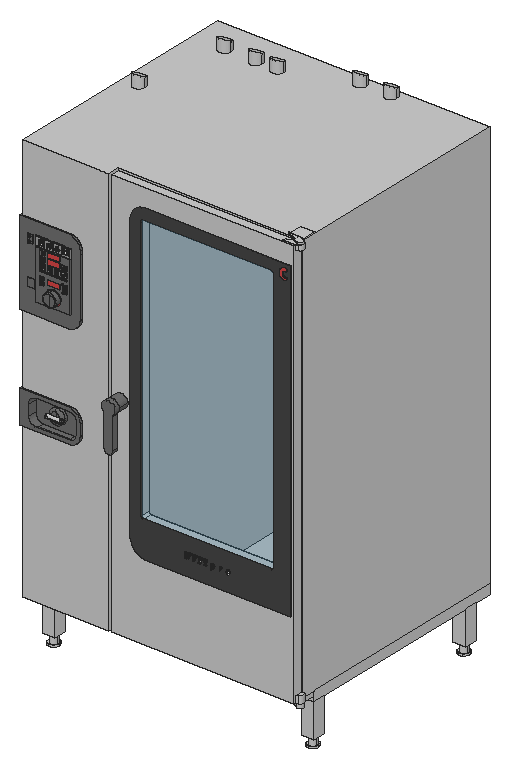
Revit family "QF_WELBILT-CONVOTHERM_CMX-PRO-ED-20-20-GS.240704053454", category Specialty Equipment, Revit 2020
Family settings
  Round Connector Dimension = Use Diameter
  Part Type = Normal
  OmniClass Number = 23.40.40.14
  OmniClass Title = Food Service Equipment
  Work Plane-Based = No
  Always vertical = Yes
  Cut with Voids When Loaded = No
  Shared = No
  Room Calculation Point = No
Parameters (values of type "CMX-PRO-ED-20-20-GS-RX_230V/1Ph/50Hz")
  Weight = 331.00 kg
  Waste Remarks [instance] = ""
  Volts = 230 V
  URL Cutsheet = ""
  URL = "www.convotherm.com"
  Status [instance] = ""
  Specification by User [instance] = ""
  Specification by Manufacturer [instance] = ""
  Serial Number = ""
  Seismic Rating = ""
  SMACNA No = ""
  Revision Code [instance] = ""
  Phase = 1
  Number of Poles = 1
  Nominal Gas power = 62000 W
  NAFEM Spec ID Number = ""
  Model = "CMX-PRO-ED-20-20-GS"
  Min Ckt Ampacity = 0 A
  Mechanical Connection Type [instance] = ""
  Max Overcurrent Protection = 0 A
  Masterspec = ""
  Manufacturer = "WELBILT-CONVOTHERM"
  Length Actual = 1135 mm
  Item Number [instance] = ""
  Installed By [instance] = ""
  Indirect Waste Size = 25.4 mm
  Indirect Waste Connection Type [instance] = ""
  Indirect Waste Connection Height [instance] = 220 mm
  Identify Quantity as Lot [instance] = no
  Height Actual = 1934 mm
  HP power = ""
  Gas power kW = 62
  Gas Size Flexible = 0 mm
  Gas Size = 19.05 mm
  Gas RI Height [instance] = 0 mm
  Gas Flow = 0.0 L/s
  Gas Connection Height [instance] = 220 mm
  Furnished By [instance] = ""
  Foodservice Equipment Identifier [instance] = no
  FL Amps = 4.3 A
  Electric power = 1100 W
  Electric Connection Type [instance] = ""
  Elec Conn RI Height [instance] = 0 mm
  Elec Conn Connection Height [instance] = 220 mm
  Direct Waste RI Height [instance] = 0 mm
  Description = "COMBI OVEN MAXX PRO EASYDIAL 20 SHELVES GN 2/1 - RIGHT HINGED DOOR - GAS INJECTION"
  Depth Actual = 1020 mm
  Default Elevation = 0 mm
  Cycle = 50 Hz
  Cost = 0
  Conn Plug = ""
  Conn Conduit = no
  Cold Water Temperature Recommended = 0 °C
  Cold Water Size = 19.05 mm
  Cold Water Flow = 0.0 L/s
  Cold Water Connection Height [instance] = 220 mm
  CSI MasterFormat = ""
  Apparent Power = 1100 VA
  Accessory = no
Reference planes
  plane 1 "Center (Front/Back)": y = 0
  plane 2: z = 0
  plane 3 "Center (Left/Right)": x = 0
Forms (mm)
  Extrusion 1, solid, not visible
    sketch origin (124, -600, 222) x (1, 0, 0) y (0, 1, 0)
      loop
        line (0, 0) -> (2, 0) -> (2, 2) -> (0, 2) -> (0, 0)
    from 0 to 2
  Extrusion 2, solid, not visible
    sketch origin (301, -405, 222) x (1, 0, 0) y (0, 1, 0)
      loop
        line (0, 0) -> (2, 0) -> (2, 2) -> (0, 2) -> (0, 0)
    from 0 to 2
  Extrusion 3, solid, not visible
    sketch origin (104, -362, 222) x (1, 0, 0) y (0, 1, 0)
      loop
        line (0, 0) -> (2, 0) -> (2, 2) -> (0, 2) -> (0, 0)
    from 0 to 2
  Extrusion 4, solid, not visible
    sketch origin (134, -522, 222) x (1, 0, 0) y (0, 1, 0)
      loop
        line (0, 0) -> (2, 0) -> (2, 2) -> (0, 2) -> (0, 0)
    from 0 to 2
Dimensions and locks
  aligned and locked: level to plane 2
Nested families
  nested 1: "QF_WELBILT-CONVOTHERM_CMX-PRO-ED-20-20-GS-RX_230V_1Ph_50Hz" at (0, 0, 0), type "CMX-PRO-ED-20-20-GS-RX_230V/1Ph/50Hz"
    with Show Logo yes, Show Clearance yes
Connectors
  electrical at (125, -599, 222), driven by "Apparent Power", driven by "Number of Poles", driven by "Volts"
    settings: on Extrusion 1, index 1, voltage 230 V, apparent load 0 VA, apparent load phase1 1100 VA, apparent load phase2 0 VA, apparent load phase3 0 VA, power factor 1, load classification "Other", number of poles 1, system type 31, power factor state 1, is connector primary yes, connector utility no, sub classification motor no, connector description "Electric connection for 'CMX-PRO-ED-20-20-GS'"
  piping at (302, -404, 222), diameter 25.4, driven by "Indirect Waste Size"
    settings: on Extrusion 2, index 2, connector inside diameter 609.6 mm, connector length 0 mm, flow factor 0, pipe flow 0.0 L/s, pressure drop 0.0 Pa, fitting loss kfactor 0, connector angle 0.00°, fixture units 0, engagement length 0 mm, angle of deflection 0.00°, flow configuration 1, flow direction 2, fitting loss method 0, system type 16, joint type 0, gender type 0, connector reference index -1, connector utility 0, adjustable connector no, is connector primary yes, connector description "Drain connection for 'CMX-PRO-ED-20-20-GS'"
  piping at (105, -361, 222), diameter 19.05, driven by "Cold Water Size", driven by "Cold Water Flow"
    settings: on Extrusion 3, index 3, connector inside diameter 609.6 mm, connector length 0 mm, flow factor 0, pipe flow 0.0 L/s, pressure drop 0.0 Pa, fitting loss kfactor 0, connector angle 0.00°, fixture units 0, engagement length 0 mm, angle of deflection 0.00°, flow configuration 1, flow direction 1, fitting loss method 0, system type 20, joint type 0, gender type 0, connector reference index -1, connector utility 0, adjustable connector no, is connector primary no, connector description "Cold Water connection for 'CMX-PRO-ED-20-20-GS'"
  piping at (135, -521, 222), diameter 19.05, driven by "Gas Size", driven by "Gas Flow"
    settings: on Extrusion 4, index 4, connector inside diameter 609.6 mm, connector length 0 mm, flow factor 0, pipe flow 0.0 L/s, pressure drop 0.0 Pa, fitting loss kfactor 0, connector angle 0.00°, fixture units 0, engagement length 0 mm, angle of deflection 0.00°, flow configuration 1, flow direction 1, fitting loss method 0, system type 22, joint type 0, gender type 0, connector reference index -1, connector utility 0, adjustable connector no, is connector primary no, connector description "Gas connection for 'CMX-PRO-ED-20-20-GS'"
Definition of nested family "QF_WELBILT-CONVOTHERM_CMX-PRO-ED-20-20-GS-RX_230V_1Ph_50Hz"
  Parameters (values of type "CMX-PRO-ED-20-20-GS-RX_230V/1Ph/50Hz")
    URL = "www.convotherm.com"
    Show Logo [instance] = yes
    Show Clearance [instance] = yes
    Model = "CMX-PRO-ED-20-20-GS"
    Manufacturer = "WELBILT-CONVOTHERM"
    Description = "COMBI OVEN MAXX PRO EASYDIAL 20 SHELVES GN 2/1 - RIGHT HINGED DOOR - GAS INJECTION"
    Default Elevation = 0 mm
    Assembly Code = "E1090320"
  Types (2, lengths in mm): name | Model | Description
    CMX-PRO-ED-20-20-GB-RX | "CMX-PRO-ED-20-20-GB" | "COMBI OVEN MAXX PRO EASYDIAL 20 SHELVES GN 2/1 - RIGHT HINGED DOOR - GAS BOILER"
    CMX-PRO-ED-20-20-GS-RX_230V/1Ph/50Hz | "CMX-PRO-ED-20-20-GS" | "COMBI OVEN MAXX PRO EASYDIAL 20 SHELVES GN 2/1 - RIGHT HINGED DOOR - GAS INJECTION"
  Reference planes
    plane 1 "Back": y = 0
    plane 2: z = 0
    plane 3 "Left": x = 0
    plane 4 "Right": x = 1135
    plane 5 "Front": y = -1020
    plane 6 "Top": z = 1934
  Forms (mm)
    Extrusion 1, solid
      sketch origin (0, 0, 96) x (0, 1, 0) y (0, 0, 1)
        loop
          line (0, 1838) -> (-69, 1838) -> (-69, 126) -> (0, 126) -> (0, 1838)
      from 0 to 1135
    Extrusion 2, solid
      sketch origin (621, -433, 142.161) x (1, 0, 0) y (0, 0, 1)
        loop
          line (-250, 1791.839) -> (-250, 79.839) -> (514, 79.839) -> (514, 1791.839) -> (-250, 1791.839)
        loop
          arc (-115, 1670.132) -> (-122.071, 1667.203) -> (-125, 1660.132) r 10
          line (-125, 1660.132) -> (-125, 559.207)
          arc (-125, 559.207) -> (-122.071, 552.136) -> (-115, 549.207) r 10
          line (-115, 549.207) -> (419, 549.207)
          arc (419, 549.207) -> (426.071, 552.136) -> (429, 559.207) r 10
          line (429, 559.207) -> (429, 1660.132)
          arc (429, 1660.132) -> (426.071, 1667.203) -> (419, 1670.132) r 10
          line (419, 1670.132) -> (-115, 1670.132)
      from 550 to 587
    Extrusion 3, solid
      sketch origin (621, -423, 1162.455) x (1, 0, 0) y (0, 0, 1)
        loop
          arc (-115, 649.839) -> (-122.071, 646.91) -> (-125, 639.839) r 10
          line (-125, 639.839) -> (-125, -461.086)
          arc (-125, -461.086) -> (-122.071, -468.157) -> (-115, -471.086) r 10
          line (-115, -471.086) -> (419, -471.086)
          arc (419, -471.086) -> (426.071, -468.157) -> (429, -461.086) r 10
          line (429, -461.086) -> (429, 639.839)
          arc (429, 639.839) -> (426.071, 646.91) -> (419, 649.839) r 10
          line (419, 649.839) -> (-115, 649.839)
      from 560 to 597
    Extrusion 4, solid
      sketch origin (538.754, 250.154, 1299.45) x (1, 0, 0) y (0, 1, 0)
        loop
          circle (88.246, -288.147) r 25
      from 634.55 to 684.55
    Extrusion 5, solid, visible <- "Show Logo"
      sketch origin (608.278, -419.7, 1383.603) x (1, 0, 0) y (0, 0, 1)
        loop
          line (496.472, 442.836) -> (496.472, 452.836)
          arc (496.472, 452.836) -> (465.307, 432.836) -> (496.472, 412.836) r 22
          line (496.472, 412.836) -> (496.472, 422.836)
          arc (496.472, 422.836) -> (477.839, 432.836) -> (496.472, 442.836) r 12
      from 599 to 601
    Extrusion 6, void
      sketch origin (495, 28.007, 1307) x (0, 1, 0) y (0, 0, 1)
        loop
          line (-40.997, 682) -> (-101.661, 682) -> (-40.997, 653.55) -> (-40.997, 682)
      from 106.55 to 160
    Extrusion 7, solid
      sketch origin (0, -1022, 122) x (-1, 0, 0) y (0, 0, 1)
        loop
          line (0, 1812) -> (-361, 1812) -> (-361, 100) -> (0, 100) -> (0, 1812)
      from 2 to 49
    Extrusion 8, solid
      sketch origin (260, -1020.5, 1142.293) x (-1, 0, 0) y (0, 0, 1)
        loop
          line (-863, 715.8) -> (-863, -599.2) -> (-252.2, -599.2)
          arc (-252.2, -599.2) -> (-208.359, -581.041) -> (-190.2, -537.2) r 62
          line (-190.2, -537.2) -> (-190.2, 653.753)
          arc (-190.2, 653.753) -> (-208.373, 697.627) -> (-252.247, 715.8) r 62.047
          line (-252.247, 715.8) -> (-863, 715.8)
        loop
          arc (-780, 670) -> (-787.071, 667.071) -> (-790, 660) r 10
          line (-790, 660) -> (-790, -440.925)
          arc (-790, -440.925) -> (-787.071, -447.996) -> (-780, -450.925) r 10
          line (-780, -450.925) -> (-246, -450.925)
          arc (-246, -450.925) -> (-238.929, -447.996) -> (-236, -440.925) r 10
          line (-236, -440.925) -> (-236, 660)
          arc (-236, 660) -> (-238.929, 667.071) -> (-246, 670) r 10
          line (-246, 670) -> (-780, 670)
      from 0 to 2
    Extrusion 9, solid
      sketch origin (260, -228, 1149) x (1, 0, 0) y (0, 1, 0)
        loop
          line (815, -747) -> (877.799, -781.314)
          arc (877.799, -781.314) -> (895.081, -773.445) -> (884.24, -757.854) r 12.365
          line (884.24, -757.854) -> (873, -747) -> (815, -747)
      from 793 to 798
    Extrusion 10, solid
      sketch origin (260, -228, 1149) x (0, 1, 0) y (0, 0, 1)
        loop
          line (-747, 793) -> (-739, 785) -> (-684, 785) -> (-684, 790) -> (-737.215, 790) -> (-747, 798) -> (-747, 793)
      from 815 to 873
    Extrusion 11, solid
      sketch origin (-21.246, -207.853, 1299.45) x (1, 0, 0) y (0, 1, 0)
        loop
          circle (88.246, -288.147) r 25
      from 634.55 to 684.55
    Extrusion 12, void
      sketch origin (-65, -430, 1307) x (0, 1, 0) y (0, 0, 1)
        loop
          line (-40.997, 682) -> (-101.661, 682) -> (-40.997, 653.55) -> (-40.997, 682)
      from 106.55 to 160
    Extrusion 13, solid, visible <- "Show Clearance", detail levels coarse
      sketch origin (259, -226, 122) x (1, 0, 0) y (0, 1, 0)
        loop
          line (876, -794) -> (112, -794)
          arc (112, -794) -> (335.77, -1334.23) -> (876, -1558) r 764
          line (876, -1558) -> (876, -794)
      from 100 to 1812
    Extrusion 14, solid, visible <- "Show Clearance", detail levels coarse
      sketch origin (0, 0, 1020.837) x (1, 0, 0) y (0, 1, 0)
        loop
          line (1185, 50) -> (-50, 50) -> (-50, -1020) -> (0, -1020) -> (0, 0) -> (1135, 0) -> (1135, -1020) -> (1185, -1020) -> (1185, 50)
      from -1020.837 to 913.163
    Extrusion 15, solid
      sketch origin (401.711, -455, 812.309) x (1, 0, 0) y (0, 0, 1)
        loop
          arc (-10.176, 136.991) -> (9.289, 117.635) -> (28.753, 136.991) r 19.465
          line (28.753, 136.991) -> (28.753, 265.447)
          arc (28.753, 265.447) -> (29.337, 268.813) -> (31.019, 271.786) r 9.998
          arc (31.019, 271.786) -> (9.289, 317.699) -> (-12.442, 271.786) r 28.099
          arc (-12.442, 271.786) -> (-10.759, 268.813) -> (-10.176, 265.447) r 9.998
          line (-10.176, 265.447) -> (-10.176, 136.991)
      from 611 to 630
    Extrusion 16, solid
      sketch origin (376.711, -428, 809.017) x (1, 0, 0) y (0, 0, 1)
        loop
          circle (34.289, 292.891) r 28.099
      from 592 to 638
    Extrusion 17, solid, visible <- "Show Logo"
      sketch origin (151.074, -1021, 492.827) x (-1, 0, 0) y (0, 0, 1)
        loop
          line (-528.137, 127.552) -> (-530.011, 127.552) -> (-530.348, 126.074)
          arc (-530.348, 126.074) -> (-533.867, 127.761) -> (-537.387, 126.074) r 4.515
          arc (-537.387, 126.074) -> (-541.947, 127.505) -> (-544.743, 123.629) r 4.084
          line (-544.743, 123.629) -> (-544.743, 116.284) -> (-542.349, 116.284) -> (-542.349, 123.232)
          arc (-542.349, 123.232) -> (-539.99, 125.59) -> (-537.632, 123.232) r 2.358
          line (-537.632, 123.232) -> (-537.632, 116.284) -> (-535.228, 116.284) -> (-535.228, 123.232)
          arc (-535.228, 123.232) -> (-532.879, 125.58) -> (-530.531, 123.232) r 2.348
          line (-530.531, 123.232) -> (-530.531, 116.284) -> (-528.137, 116.284) -> (-528.137, 127.552)
        loop
          arc (-560.96, 126.777) -> (-563.601, 127.667) -> (-566.387, 127.637) r 8.338
          arc (-566.387, 127.637) -> (-568.587, 126.318) -> (-569.365, 123.874) r 3.628
          line (-569.365, 123.874) -> (-569.365, 116.284) -> (-567.653, 116.284) -> (-567.175, 117.853)
          arc (-567.175, 117.853) -> (-565.463, 116.5) -> (-563.335, 116.017) r 4.933
          arc (-563.335, 116.017) -> (-560.862, 117.042) -> (-559.838, 119.515) r 3.498
          arc (-559.838, 119.515) -> (-560.769, 121.724) -> (-562.869, 122.881) r 3.655
          arc (-562.869, 122.881) -> (-564.937, 123.13) -> (-567.021, 123.172) r 20.914
          arc (-567.021, 123.172) -> (-566.618, 125.022) -> (-564.92, 125.86) r 2.182
          arc (-564.92, 125.86) -> (-563.277, 125.666) -> (-561.734, 125.066) r 6.53
          line (-561.734, 125.066) -> (-560.96, 126.777)
        loop
          line (-566.971, 121.663) -> (-566.971, 120.653)
          arc (-566.971, 120.653) -> (-565.555, 118.263) -> (-562.778, 118.357) r 2.725
          arc (-562.778, 118.357) -> (-562.249, 119.77) -> (-563.061, 121.043) r 1.69
          arc (-563.061, 121.043) -> (-563.851, 121.394) -> (-564.704, 121.544) r 3.557
          line (-564.704, 121.544) -> (-566.971, 121.663)
        loop
          line (-583.952, 127.552) -> (-586.682, 127.552) -> (-589.25, 123.609) -> (-591.837, 127.552) -> (-594.547, 127.552) -> (-590.757, 122.04) -> (-594.741, 116.284) -> (-592.031, 116.284) -> (-589.25, 120.502) -> (-586.479, 116.284) -> (-583.769, 116.284) -> (-587.732, 122.04) -> (-583.952, 127.552)
        loop
          line (-607.963, 127.552) -> (-610.693, 127.552) -> (-613.26, 123.609) -> (-615.848, 127.552) -> (-618.558, 127.552) -> (-614.768, 122.04) -> (-618.752, 116.284) -> (-616.042, 116.284) -> (-613.26, 120.502) -> (-610.489, 116.284) -> (-607.779, 116.284) -> (-611.742, 122.04) -> (-607.963, 127.552)
        loop
          line (-636.435, 132.059) -> (-639.145, 132.059) -> (-639.689, 130.03)
          arc (-639.689, 130.03) -> (-644.361, 132.339) -> (-649.091, 130.15) r 6.037
          arc (-649.091, 130.15) -> (-650.678, 124.151) -> (-649.091, 118.152) r 12.127
          arc (-649.091, 118.152) -> (-644.439, 115.999) -> (-639.787, 118.152) r 6.101
          line (-639.787, 118.152) -> (-639.787, 109.266) -> (-636.435, 109.266) -> (-636.435, 132.059)
        loop
          arc (-640.707, 128.436) -> (-643.521, 129.607) -> (-646.244, 128.239) r 3.656
          arc (-646.244, 128.239) -> (-647.304, 124.134) -> (-646.244, 120.028) r 8.478
          arc (-646.244, 120.028) -> (-643.478, 118.728) -> (-640.707, 120.019) r 3.605
          arc (-640.707, 120.019) -> (-639.746, 124.228) -> (-640.707, 128.436) r 9.697
        loop
          line (-672.161, 132.059) -> (-674.786, 132.059) -> (-675.228, 129.277)
          arc (-675.228, 129.277) -> (-678.007, 131.919) -> (-681.831, 132.201) r 5.699
          line (-681.831, 132.201) -> (-681.499, 129.039)
          arc (-681.499, 129.039) -> (-677.382, 128.276) -> (-675.513, 124.528) r 4.693
          line (-675.513, 124.528) -> (-675.513, 116.284) -> (-672.161, 116.284) -> (-672.161, 132.059)
        loop
          arc (-701.668, 128.856) -> (-708.102, 132.336) -> (-714.536, 128.856) r 7.688
          arc (-714.536, 128.856) -> (-715.716, 123.509) -> (-713.81, 118.375) r 9.693
          arc (-713.81, 118.375) -> (-708.258, 115.93) -> (-702.705, 118.375) r 7.526
          arc (-702.705, 118.375) -> (-700.886, 123.487) -> (-701.668, 128.856) r 11.265
        loop
          arc (-705.156, 128.208) -> (-708.205, 129.601) -> (-711.253, 128.208) r 4.032
          arc (-711.253, 128.208) -> (-712.176, 124.281) -> (-711.253, 120.354) r 8.822
          arc (-711.253, 120.354) -> (-708.251, 118.678) -> (-705.156, 120.174) r 3.725
          arc (-705.156, 120.174) -> (-704.233, 124.191) -> (-705.156, 128.208) r 9.2
        loop
          arc (-532.682, 137.519) -> (-530.724, 137.866) -> (-529.296, 136.484) r 2.184
          arc (-529.296, 136.484) -> (-529.141, 134.97) -> (-529.666, 133.541) r 3.38
          arc (-529.666, 133.541) -> (-531.195, 132.902) -> (-532.824, 133.209) r 2.886
          line (-532.824, 133.209) -> (-532.824, 132.27)
          arc (-532.824, 132.27) -> (-530.712, 132.004) -> (-528.755, 132.842) r 4.064
          arc (-528.755, 132.842) -> (-527.999, 134.996) -> (-528.348, 137.252) r 4.701
          arc (-528.348, 137.252) -> (-530.48, 138.773) -> (-533.076, 138.431) r 3.573
          line (-533.076, 138.431) -> (-532.682, 137.519)
        loop
          arc (-537.479, 137.982) -> (-539.805, 138.908) -> (-542.133, 137.986) r 3.392
          arc (-542.133, 137.986) -> (-542.922, 135.429) -> (-542.133, 132.872) r 4.538
          arc (-542.133, 132.872) -> (-539.818, 131.941) -> (-537.495, 132.853) r 3.378
          arc (-537.495, 132.853) -> (-536.706, 135.415) -> (-537.479, 137.982) r 4.603
        loop
          arc (-538.327, 137.294) -> (-539.797, 137.948) -> (-541.273, 137.306) r 1.999
          arc (-541.273, 137.306) -> (-541.786, 135.426) -> (-541.273, 133.546) r 3.701
          arc (-541.273, 133.546) -> (-539.8, 132.933) -> (-538.327, 133.544) r 2.078
          arc (-538.327, 133.544) -> (-537.877, 135.419) -> (-538.327, 137.294) r 4.129
        loop
          line (-547.292, 138.766) -> (-548.621, 138.766) -> (-551.871, 133.511) -> (-551.871, 138.766) -> (-552.875, 138.766) -> (-552.875, 132.063) -> (-551.532, 132.063) -> (-548.286, 137.265) -> (-548.286, 132.063) -> (-547.292, 132.063) -> (-547.292, 138.766)
        loop
          line (-556.671, 138.766) -> (-557.799, 138.766) -> (-559.583, 133.448) -> (-561.375, 138.766) -> (-562.512, 138.766) -> (-560.164, 132.063) -> (-559.009, 132.063) -> (-556.671, 138.766)
        loop
          arc (-566.711, 137.982) -> (-569.038, 138.908) -> (-571.366, 137.986) r 3.392
          arc (-571.366, 137.986) -> (-572.155, 135.429) -> (-571.366, 132.872) r 4.538
          arc (-571.366, 132.872) -> (-569.051, 131.941) -> (-566.727, 132.853) r 3.378
          arc (-566.727, 132.853) -> (-565.939, 135.415) -> (-566.711, 137.982) r 4.603
        loop
          arc (-567.56, 137.294) -> (-569.03, 137.948) -> (-570.505, 137.306) r 1.999
          arc (-570.505, 137.306) -> (-571.019, 135.426) -> (-570.505, 133.546) r 3.701
          arc (-570.505, 133.546) -> (-569.033, 132.933) -> (-567.56, 133.544) r 2.078
          arc (-567.56, 133.544) -> (-567.109, 135.419) -> (-567.56, 137.294) r 4.129
        loop
          line (-577.456, 137.826) -> (-575.485, 137.826) -> (-575.485, 138.766) -> (-580.523, 138.766) -> (-580.523, 137.826) -> (-578.552, 137.826) -> (-578.552, 132.063) -> (-577.456, 132.063) -> (-577.456, 137.826)
        loop
          line (-584.461, 138.766) -> (-585.556, 138.766) -> (-585.556, 136.024) -> (-588.646, 136.024) -> (-588.646, 138.766) -> (-589.747, 138.766) -> (-589.747, 132.063) -> (-588.646, 132.063) -> (-588.646, 135.084) -> (-585.556, 135.084) -> (-585.556, 132.063) -> (-584.461, 132.063) -> (-584.461, 138.766)
        loop
          line (-598.044, 136.015) -> (-598.044, 135.098) -> (-595.518, 135.098) -> (-595.518, 132.994) -> (-598.214, 132.994) -> (-598.214, 132.063) -> (-594.423, 132.063) -> (-594.423, 138.766) -> (-598.214, 138.766) -> (-598.214, 137.84) -> (-595.518, 137.84) -> (-595.518, 136.015) -> (-598.044, 136.015)
        loop
          line (-602.573, 138.766) -> (-604.466, 138.766)
          arc (-604.466, 138.766) -> (-605.459, 138.644) -> (-606.393, 138.285) r 4.104
          arc (-606.393, 138.285) -> (-606.983, 136.462) -> (-605.709, 135.029) r 1.929
          line (-605.709, 135.029) -> (-607.602, 132.063) -> (-606.355, 132.063) -> (-604.751, 134.741) -> (-603.669, 134.741) -> (-603.669, 132.063) -> (-602.573, 132.063) -> (-602.573, 138.766)
        loop
          line (-603.669, 137.84) -> (-604.805, 137.84)
          arc (-604.805, 137.84) -> (-605.901, 136.744) -> (-604.805, 135.648) r 1.096
          line (-604.805, 135.648) -> (-603.669, 135.648) -> (-603.669, 137.84)
        loop
          line (-611.485, 138.766) -> (-613.03, 138.766) -> (-614.905, 133.395) -> (-616.835, 138.766) -> (-618.384, 138.766) -> (-618.384, 132.063) -> (-617.33, 132.063) -> (-617.33, 137.563) -> (-615.349, 132.063) -> (-614.382, 132.063) -> (-612.48, 137.543) -> (-612.48, 132.063) -> (-611.485, 132.063) -> (-611.485, 138.766)
      from 0 to 2
    Extrusion 18, solid
      sketch origin (260, -228, -576) x (1, 0, 0) y (0, 1, 0)
        loop
          line (815, -747) -> (877.799, -781.314)
          arc (877.799, -781.314) -> (895.081, -773.445) -> (884.24, -757.854) r 12.365
          line (884.24, -757.854) -> (873, -747) -> (873, -684) -> (815, -684) -> (815, -747)
      from 779.9 to 798
    Extrusion 19, solid
      sketch origin (260, -228, 222) x (1, 0, 0) y (0, 1, 0)
        loop
          arc (887.5, -783.557) -> (896.787, -767.866) -> (882.689, -756.303) r 14
          line (882.689, -756.303) -> (875, -756.303) -> (875, -787.8) -> (887.5, -783.557)
      from 0 to 28.2
    Extrusion 20, solid
      sketch origin (260, -228, 1919.954) x (1, 0, 0) y (0, 1, 0)
        loop
          arc (887.5, -783.557) -> (896.787, -767.866) -> (882.689, -756.303) r 14
          line (882.689, -756.303) -> (875, -756.303) -> (825, -775.067) -> (825, -787.8) -> (875, -787.8) -> (887.5, -783.557)
      from 0 to 18.046
    Extrusion 21, solid
      sketch origin (260, -228, 976) x (1, 0, 0) y (0, 1, 0)
        loop
          circle (883, -770.5) r 5
      from 962 to 966
    Extrusion 22, solid
      sketch origin (0, -792, 222) x (-1, 0, 0) y (0, 0, 1)
        loop
          line (0, 1712) -> (-1135, 1712) -> (-1135, 0) -> (0, 0) -> (0, 1712)
        loop
          line (-411, 1672) -> (-1095, 1672) -> (-1095, 40) -> (-411, 40) -> (-411, 1672)
      from -181 to 723
    Extrusion 23, solid
      sketch origin (60, -1022.2, 528.196) x (-1, 0, 0) y (0, 0, 1)
        loop
          line (64, 479) -> (-139.45, 479)
          arc (-139.45, 479) -> (-173.073, 465.073) -> (-187, 431.45) r 47.55
          line (-187, 431.45) -> (-187, 386.55)
          arc (-187, 386.55) -> (-173.073, 352.927) -> (-139.45, 339) r 47.55
          line (-139.45, 339) -> (64, 339) -> (64, 479)
        loop
          line (-4.55, 464) -> (-139.45, 464)
          arc (-139.45, 464) -> (-162.466, 454.466) -> (-172, 431.45) r 32.55
          line (-172, 431.45) -> (-172, 386.55)
          arc (-172, 386.55) -> (-162.466, 363.534) -> (-139.45, 354) r 32.55
          line (-139.45, 354) -> (-4.55, 354)
          arc (-4.55, 354) -> (18.466, 363.534) -> (28, 386.55) r 32.55
          line (28, 386.55) -> (28, 431.45)
          arc (28, 431.45) -> (18.466, 454.466) -> (-4.55, 464) r 32.55
      from -5.45 to 30.55
    Extrusion 24, void
      sketch origin (0, -1032.65, 220) x (-1, 0, 0) y (0, 0, 1)
        loop
          line (-64.55, 774.196) -> (-199.45, 774.196)
          arc (-199.45, 774.196) -> (-223.881, 764.076) -> (-234, 739.646) r 34.55
          line (-234, 739.646) -> (-234, 694.746)
          arc (-234, 694.746) -> (-223.881, 670.315) -> (-199.45, 660.196) r 34.55
          line (-199.45, 660.196) -> (-64.55, 660.196)
          arc (-64.55, 660.196) -> (-40.119, 670.315) -> (-30, 694.746) r 34.55
          line (-30, 694.746) -> (-30, 739.646)
          arc (-30, 739.646) -> (-40.119, 764.076) -> (-64.55, 774.196) r 34.55
      from 0 to 41
    Revolve 25, solid
      sketch origin (132, -213, 187) x (0, 1, 0) y (0, 0, 1)
        loop
          line (-800.65, 771.095) -> (-800.65, 750.196) -> (-780.65, 750.196) -> (-780.65, 782.804) -> (-792.214, 780.972)
          arc (-792.214, 780.972) -> (-798.254, 777.59) -> (-800.65, 771.095) r 10
        axis (-780.65, 750.196) -> (-800.65, 750.196)
      angle from 0 to 360
    Extrusion 26, solid
      sketch origin (60, -988.2, 513.196) x (-1, 0, 0) y (0, 0, 1)
        loop
          line (-4.55, 479) -> (-139.45, 479)
          arc (-139.45, 479) -> (-162.466, 469.466) -> (-172, 446.45) r 32.55
          line (-172, 446.45) -> (-172, 401.55)
          arc (-172, 401.55) -> (-162.466, 378.534) -> (-139.45, 369) r 32.55
          line (-139.45, 369) -> (-4.55, 369)
          arc (-4.55, 369) -> (18.466, 378.534) -> (28, 401.55) r 32.55
          line (28, 401.55) -> (28, 446.45)
          arc (28, 446.45) -> (18.466, 469.466) -> (-4.55, 479) r 32.55
      from -5.45 to -3.45
    Extrusion 27, solid
      sketch origin (102, -228.026, 187) x (0, 1, 0) y (0, 0, 1)
        loop
          circle (-793.65, 750.196) r 8
      from 0 to 60
    Revolve 28, solid
      sketch origin (102, -1021.676, 187) x (-1, 0, 0) y (0, 0, 1)
        loop
          line (-60, 750.196) -> (-60, 758.196)
          arc (-60, 758.196) -> (-61.414, 757.61) -> (-62, 756.196) r 2
          line (-62, 756.196) -> (-62, 750.196) -> (-60, 750.196)
        axis (-60, 750.196) -> (-62, 750.196)
      angle from 0 to 360
    Revolve 29, solid
      sketch origin (162, -1021.676, 187) x (1, 0, 0) y (0, 0, -1)
        loop
          line (-60, -750.196) -> (-62, -750.196) -> (-62, -756.196)
          arc (-62, -756.196) -> (-61.414, -757.61) -> (-60, -758.196) r 2
          line (-60, -758.196) -> (-60, -750.196)
        axis (-60, -750.196) -> (-62, -750.196)
      angle from 0 to 360
    Extrusion 30, solid
      sketch origin (665.754, 250.154, 1299.45) x (1, 0, 0) y (0, 1, 0)
        loop
          circle (88.246, -288.147) r 25
      from 634.55 to 684.55
    Extrusion 31, void
      sketch origin (622, 28.007, 1307) x (0, 1, 0) y (0, 0, 1)
        loop
          line (-40.997, 682) -> (-101.661, 682) -> (-40.997, 653.55) -> (-40.997, 682)
      from 106.55 to 160
    Extrusion 32, solid
      sketch origin (49.754, 152.154, 1299.45) x (1, 0, 0) y (0, 1, 0)
        loop
          circle (88.246, -288.147) r 25
      from 634.55 to 684.55
    Extrusion 33, void
      sketch origin (6, -69.993, 1307) x (0, 1, 0) y (0, 0, 1)
        loop
          line (-40.997, 682) -> (-101.661, 682) -> (-40.997, 653.55) -> (-40.997, 682)
      from 106.55 to 160
    Extrusion 34, solid
      sketch origin (179.754, 152.154, 1299.45) x (1, 0, 0) y (0, 1, 0)
        loop
          circle (88.246, -288.147) r 25
      from 634.55 to 684.55
    Extrusion 35, void
      sketch origin (136, -69.993, 1307) x (0, 1, 0) y (0, 0, 1)
        loop
          line (-40.997, 682) -> (-101.661, 682) -> (-40.997, 653.55) -> (-40.997, 682)
      from 106.55 to 160
    Extrusion 36, solid
      sketch origin (269.754, 152.154, 1299.45) x (1, 0, 0) y (0, 1, 0)
        loop
          circle (88.246, -288.147) r 25
      from 634.55 to 684.55
    Extrusion 37, void
      sketch origin (226, -69.993, 1307) x (0, 1, 0) y (0, 0, 1)
        loop
          line (-40.997, 682) -> (-101.661, 682) -> (-40.997, 653.55) -> (-40.997, 682)
      from 106.55 to 160
    Extrusion 38, solid
      sketch origin (-428.638, -446.526, 1166.547) x (0, 0, 1) y (-1, 0, 0)
        loop
          line (393.991, -491.319) -> (186.559, -491.319) -> (186.559, -634.546) -> (393.991, -634.546) -> (393.991, -491.319)
      from 580.124 to 582.124
    Extrusion 39, solid
      sketch origin (0, -1022.2, 962.518) x (-1, 0, 0) y (0, 0, 1)
        loop
          line (4, 692) -> (-199.45, 692)
          arc (-199.45, 692) -> (-233.073, 678.073) -> (-247, 644.45) r 47.55
          line (-247, 644.45) -> (-247, 632) -> (-247, 386.55)
          arc (-247, 386.55) -> (-233.073, 352.927) -> (-199.45, 339) r 47.55
          line (-199.45, 339) -> (4, 339) -> (4, 692)
      from -5.45 to 30.55
    Extrusion 40, solid
      sketch origin (-36.897, -959.167, 1080.168) x (-1, 0, 0) y (0, 0, 1)
        loop
          line (-66.022, 518.689) -> (-84.672, 518.689) -> (-84.672, 483.933) -> (-66.022, 483.933) -> (-66.022, 518.689)
        loop
          circle (-75.347, 510.212) r 5.934
        loop
          circle (-75.347, 492.834) r 5.934
        loop
          line (-66.022, 355.925) -> (-96.022, 355.925) -> (-96.022, 320.925) -> (-66.022, 320.925) -> (-66.022, 355.925)
      from -69.983 to -67.983
    Extrusion 41, solid
      sketch origin (12.599, -339.852, 1165.106) x (1, 0, 0) y (0, 0, 1)
        loop
          line (50.082, 434.331) -> (50.082, 400.345) -> (84.068, 400.345) -> (84.068, 434.331) -> (50.082, 434.331)
        loop
          line (86.495, 434.331) -> (86.495, 400.345) -> (120.482, 400.345) -> (120.482, 434.331) -> (86.495, 434.331)
        loop
          line (122.909, 434.331) -> (122.909, 400.345) -> (156.895, 400.345) -> (156.895, 434.331) -> (122.909, 434.331)
        loop
          line (159.323, 434.331) -> (159.323, 400.345) -> (193.309, 400.345) -> (193.309, 434.331) -> (159.323, 434.331)
      from 687.298 to 689.298
    Extrusion 42, solid
      sketch origin (-3.045, -1027.15, 1067.09) x (1, 0, 0) y (0, 0, 1)
        loop
          line (65.725, 534.323) -> (99.711, 534.323) -> (99.711, 536.323) -> (65.725, 536.323) -> (65.725, 534.323)
      from 0 to 2
    Extrusion 43, solid
      sketch origin (26.955, -1027.15, 1067.081) x (1, 0, 0) y (0, 0, 1)
        loop
          line (72.139, 534.323) -> (106.125, 534.323) -> (106.125, 536.323) -> (72.139, 536.323) -> (72.139, 534.323)
      from 0 to 2
    Extrusion 44, solid
      sketch origin (56.955, -1027.15, 1067.081) x (1, 0, 0) y (0, 0, 1)
        loop
          line (78.553, 534.323) -> (112.539, 534.323) -> (112.539, 536.323) -> (78.553, 536.323) -> (78.553, 534.323)
      from 0 to 2
    Extrusion 45, solid
      sketch origin (86.955, -1027.15, 1067.081) x (1, 0, 0) y (0, 0, 1)
        loop
          line (84.966, 534.323) -> (118.531, 534.323) -> (118.531, 536.323) -> (84.966, 536.323) -> (84.966, 534.323)
      from 0 to 2
    Extrusion 46, solid
      sketch origin (-292.392, -339.852, 1092.792) x (1, 0, 0) y (0, 0, 1)
        loop
          line (372.087, 461.904) -> (372.087, 443.845) -> (390.692, 443.845) -> (390.692, 461.904) -> (372.087, 461.904)
      from 687.298 to 689.298
    Extrusion 47, solid
      sketch origin (-295.111, -339.852, 1062.443) x (1, 0, 0) y (0, 0, 1)
        loop
          line (374.306, 467.835) -> (374.306, 448.294) -> (393.41, 448.294) -> (393.41, 467.835) -> (374.306, 467.835)
      from 687.298 to 689.298
    Extrusion 48, solid
      sketch origin (-208.236, -339.852, 1062.443) x (1, 0, 0) y (0, 0, 1)
        loop
          line (379.423, 467.835) -> (379.423, 448.985) -> (398.234, 448.985) -> (398.234, 467.835) -> (379.423, 467.835)
      from 687.298 to 689.298
    Extrusion 49, solid
      sketch origin (-260.936, -339.852, 1082.943) x (1, 0, 0) y (0, 0, 1)
        loop
          line (371.423, 471.753) -> (371.423, 453.693) -> (421.748, 453.693) -> (421.748, 471.753) -> (371.423, 471.753)
      from 687.298 to 689.298
    Extrusion 50, solid
      sketch origin (-260.936, -339.852, 1062.443) x (1, 0, 0) y (0, 0, 1)
        loop
          line (371.423, 467.835) -> (371.423, 448.294) -> (421.748, 448.294) -> (421.748, 467.835) -> (371.423, 467.835)
      from 687.298 to 689.298
    Extrusion 51, solid
      sketch origin (-294.486, -339.852, 1041.318) x (1, 0, 0) y (0, 0, 1)
        loop
          line (373.681, 460.733) -> (373.681, 441.97) -> (392.785, 441.97) -> (392.785, 460.733) -> (373.681, 460.733)
      from 687.298 to 689.298
    Extrusion 52, solid
      sketch origin (-285.736, -339.852, 1018.193) x (1, 0, 0) y (0, 0, 1)
        loop
          line (364.931, 459.345) -> (364.931, 457.345) -> (477.368, 457.345) -> (477.368, 459.345) -> (364.931, 459.345)
      from 687.298 to 689.298
    Extrusion 53, solid
      sketch origin (0.705, -1027.15, 970.215) x (1, 0, 0) y (0, 0, 1)
        loop
          line (78.489, 534.323) -> (97.594, 534.323) -> (97.594, 536.323) -> (78.489, 536.323) -> (78.489, 534.323)
      from 0 to 2
    Extrusion 54, solid
      sketch origin (-295.997, -339.852, 993.002) x (1, 0, 0) y (0, 0, 1)
        loop
          line (375.192, 464.811) -> (375.192, 451.047) -> (389.704, 451.047) -> (389.704, 464.811) -> (375.192, 464.811)
      from 687.298 to 689.298
    Extrusion 55, solid
      sketch origin (-295.997, -339.852, 976.002) x (1, 0, 0) y (0, 0, 1)
        loop
          line (375.192, 462.561) -> (375.192, 447.345) -> (389.704, 447.345) -> (389.704, 462.561) -> (375.192, 462.561)
      from 687.298 to 689.298
    Extrusion 56, solid
      sketch origin (-197.001, -339.852, 994.217) x (1, 0, 0) y (0, 0, 1)
        loop
          line (373.192, 464.601) -> (373.192, 430.345) -> (388.632, 430.345) -> (388.632, 464.601) -> (373.192, 464.601)
      from 687.298 to 689.298
    Extrusion 57, solid
      sketch origin (76.941, -1027.15, 922.552) x (1, 0, 0) y (0, 0, 1)
        loop
          line (94.5, 534.323) -> (98, 534.323) -> (98, 536.323) -> (94.5, 536.323) -> (94.5, 534.323)
      from 0 to 2
    Extrusion 58, solid
      sketch origin (76.941, -1027.15, 890.239) x (1, 0, 0) y (0, 0, 1)
        loop
          line (94.5, 534.323) -> (98, 534.323) -> (98, 536.323) -> (94.5, 536.323) -> (94.5, 534.323)
      from 0 to 2
    Extrusion 59, solid
      sketch origin (-260.336, -339.852, 1014.443) x (1, 0, 0) y (0, 0, 1)
        loop
          line (370.823, 437.095) -> (370.823, 417.709) -> (421.148, 417.709) -> (421.148, 437.095) -> (370.823, 437.095)
      from 687.298 to 689.298
    Extrusion 60, solid
      sketch origin (-260.936, -339.852, 942.16) x (1, 0, 0) y (0, 0, 1)
        loop
          circle (396.292, 451.595) r 27.031
        loop
          circle (396.292, 451.595) r 30
      from 687.298 to 689.298
    Revolve 61, solid
      sketch origin (135.355, 14.19, 982.537) x (0, 1, 0) y (0, 0, 1)
        loop
          line (-1036.39, 411.218) -> (-1036.39, 438.218) -> (-1064.39, 438.218)
          arc (-1064.39, 438.218) -> (-1065.804, 437.632) -> (-1066.39, 436.218) r 2
          line (-1066.39, 436.218) -> (-1066.39, 411.218) -> (-1036.39, 411.218)
        axis (-1036.39, 411.218) -> (-1066.39, 411.218)
      angle from 0 to 360
    Extrusion 62, solid
      sketch origin (-29.6, -1028.95, 1040.764) x (-1, 0, 0) y (0, 0, 1)
        loop
          arc (-107.746, 547.473) -> (-111.291, 549.608) -> (-114.976, 547.725) r 4.26
          arc (-114.976, 547.725) -> (-117.687, 547.348) -> (-118.445, 544.718) r 2.513
          arc (-118.445, 544.718) -> (-116.276, 542.894) -> (-113.73, 544.139) r 2.598
          arc (-113.73, 544.139) -> (-110.951, 543.127) -> (-108.171, 544.139) r 4.322
          arc (-108.171, 544.139) -> (-105.673, 543.295) -> (-103.931, 545.275) r 2.379
          arc (-103.931, 545.275) -> (-105.101, 547.654) -> (-107.746, 547.473) r 2.379
        loop
          arc (-107.286, 549.341) -> (-111.38, 551.11) -> (-115.509, 549.427) r 5.76
          arc (-115.509, 549.427) -> (-119.099, 548.047) -> (-119.881, 544.282) r 4.013
          arc (-119.881, 544.282) -> (-117.224, 541.575) -> (-113.484, 542.207) r 4.098
          arc (-113.484, 542.207) -> (-110.88, 541.627) -> (-108.29, 542.27) r 5.822
          arc (-108.29, 542.27) -> (-104.611, 542.096) -> (-102.444, 545.075) r 3.879
          arc (-102.444, 545.075) -> (-103.724, 548.503) -> (-107.286, 549.341) r 3.879
      from -0.4 to 1.6
    Extrusion 63, solid
      sketch origin (-30.424, -1028.95, 1028.554) x (-1, 0, 0) y (0, 0, 1)
        loop
          line (-103.234, 551.339) -> (-105.234, 551.339) -> (-105.234, 547.168) -> (-106.183, 546.218) -> (-117.926, 546.218) -> (-118.876, 547.168) -> (-118.876, 551.339) -> (-120.876, 551.339) -> (-120.876, 546.339) -> (-118.755, 544.218) -> (-105.355, 544.218) -> (-103.234, 546.339) -> (-103.234, 551.339)
      from -0.4 to 1.6
    Extrusion 64, solid
      sketch origin (5.786, -1028.95, 1040.09) x (-1, 0, 0) y (0, 0, 1)
        loop
          arc (-104.784, 543.148) -> (-102.808, 547.489) -> (-107.277, 549.155) r 3.26
          arc (-107.277, 549.155) -> (-111.143, 551.159) -> (-115.198, 549.57) r 5.269
          arc (-115.198, 549.57) -> (-119.153, 546.7) -> (-116.142, 542.852) r 3.394
          line (-116.142, 542.852) -> (-115.583, 543.681)
          arc (-115.583, 543.681) -> (-118.296, 546.537) -> (-114.769, 548.292) r 2.449
          arc (-114.769, 548.292) -> (-111.134, 550.254) -> (-107.499, 548.292) r 4.349
          arc (-107.499, 548.292) -> (-103.789, 547.402) -> (-105.375, 543.932) r 2.471
          line (-105.375, 543.932) -> (-104.784, 543.148)
        loop
          line (-107.172, 546.556) -> (-107.926, 545.9)
          arc (-107.926, 545.9) -> (-107.106, 544.613) -> (-107.179, 543.088) r 2.52
          line (-107.179, 543.088) -> (-107.877, 540.655)
          arc (-107.877, 540.655) -> (-107.99, 539.187) -> (-107.514, 537.793) r 3.656
          line (-107.514, 537.793) -> (-106.759, 538.449)
          arc (-106.759, 538.449) -> (-107.235, 539.843) -> (-107.123, 541.311) r 3.656
          line (-107.123, 541.311) -> (-106.425, 543.744)
          arc (-106.425, 543.744) -> (-106.352, 545.269) -> (-107.172, 546.556) r 2.52
        loop
          line (-110.976, 546.556) -> (-111.731, 545.9)
          arc (-111.731, 545.9) -> (-110.911, 544.613) -> (-110.984, 543.088) r 2.52
          line (-110.984, 543.088) -> (-111.681, 540.655)
          arc (-111.681, 540.655) -> (-111.794, 539.187) -> (-111.318, 537.793) r 3.656
          line (-111.318, 537.793) -> (-110.563, 538.449)
          arc (-110.563, 538.449) -> (-111.039, 539.843) -> (-110.927, 541.311) r 3.656
          line (-110.927, 541.311) -> (-110.229, 543.744)
          arc (-110.229, 543.744) -> (-110.156, 545.269) -> (-110.976, 546.556) r 2.52
        loop
          line (-114.845, 546.556) -> (-115.599, 545.9)
          arc (-115.599, 545.9) -> (-114.779, 544.613) -> (-114.852, 543.088) r 2.52
          line (-114.852, 543.088) -> (-115.55, 540.655)
          arc (-115.55, 540.655) -> (-115.663, 539.187) -> (-115.187, 537.793) r 3.656
          line (-115.187, 537.793) -> (-114.432, 538.449)
          arc (-114.432, 538.449) -> (-114.908, 539.843) -> (-114.796, 541.311) r 3.656
          line (-114.796, 541.311) -> (-114.098, 543.744)
          arc (-114.098, 543.744) -> (-114.025, 545.269) -> (-114.845, 546.556) r 2.52
      from -0.4 to 1.6
    Extrusion 65, solid
      sketch origin (4.614, -1028.95, 1027.929) x (-1, 0, 0) y (0, 0, 1)
        loop
          line (-103.234, 551.339) -> (-105.234, 551.339) -> (-105.234, 547.168) -> (-106.183, 546.218) -> (-117.926, 546.218) -> (-118.876, 547.168) -> (-118.876, 551.339) -> (-120.876, 551.339) -> (-120.876, 546.339) -> (-118.755, 544.218) -> (-105.355, 544.218) -> (-103.234, 546.339) -> (-103.234, 551.339)
      from -0.4 to 1.6
    Extrusion 66, solid
      sketch origin (40.061, -1028.95, 1044.502) x (-1, 0, 0) y (0, 0, 1)
        loop
          line (-107.172, 546.556) -> (-107.926, 545.9)
          arc (-107.926, 545.9) -> (-107.106, 544.613) -> (-107.179, 543.088) r 2.52
          line (-107.179, 543.088) -> (-107.877, 540.655)
          arc (-107.877, 540.655) -> (-107.99, 539.187) -> (-107.514, 537.793) r 3.656
          line (-107.514, 537.793) -> (-106.759, 538.449)
          arc (-106.759, 538.449) -> (-107.235, 539.843) -> (-107.123, 541.311) r 3.656
          line (-107.123, 541.311) -> (-106.425, 543.744)
          arc (-106.425, 543.744) -> (-106.352, 545.269) -> (-107.172, 546.556) r 2.52
        loop
          line (-110.976, 546.556) -> (-111.731, 545.9)
          arc (-111.731, 545.9) -> (-110.911, 544.613) -> (-110.984, 543.088) r 2.52
          line (-110.984, 543.088) -> (-111.681, 540.655)
          arc (-111.681, 540.655) -> (-111.794, 539.187) -> (-111.318, 537.793) r 3.656
          line (-111.318, 537.793) -> (-110.563, 538.449)
          arc (-110.563, 538.449) -> (-111.039, 539.843) -> (-110.927, 541.311) r 3.656
          line (-110.927, 541.311) -> (-110.229, 543.744)
          arc (-110.229, 543.744) -> (-110.156, 545.269) -> (-110.976, 546.556) r 2.52
        loop
          line (-114.845, 546.556) -> (-115.599, 545.9)
          arc (-115.599, 545.9) -> (-114.779, 544.613) -> (-114.852, 543.088) r 2.52
          line (-114.852, 543.088) -> (-115.55, 540.655)
          arc (-115.55, 540.655) -> (-115.663, 539.187) -> (-115.187, 537.793) r 3.656
          line (-115.187, 537.793) -> (-114.432, 538.449)
          arc (-114.432, 538.449) -> (-114.908, 539.843) -> (-114.796, 541.311) r 3.656
          line (-114.796, 541.311) -> (-114.098, 543.744)
          arc (-114.098, 543.744) -> (-114.025, 545.269) -> (-114.845, 546.556) r 2.52
      from -0.4 to 1.6
    Extrusion 67, solid
      sketch origin (39.577, -1028.95, 1029.972) x (-1, 0, 0) y (0, 0, 1)
        loop
          line (-103.234, 551.339) -> (-105.234, 551.339) -> (-105.234, 547.168) -> (-106.183, 546.218) -> (-117.926, 546.218) -> (-118.876, 547.168) -> (-118.876, 551.339) -> (-120.876, 551.339) -> (-120.876, 546.339) -> (-118.755, 544.218) -> (-105.355, 544.218) -> (-103.234, 546.339) -> (-103.234, 551.339)
      from -0.4 to 1.6
    Extrusion 68, solid
      sketch origin (76.586, -1028.95, 1031.923) x (-1, 0, 0) y (0, 0, 1)
        loop
          circle (-111.862, 550.473) r 7
        loop
          line (-121.932, 543.435) -> (-120.932, 543.435) -> (-120.932, 551.279)
          arc (-120.932, 551.279) -> (-120.232, 551.843) -> (-119.851, 552.657) r 1.995
          arc (-119.851, 552.657) -> (-119.848, 555.797) -> (-121.127, 558.665) r 7.526
          line (-121.127, 558.665) -> (-121.932, 558.665) -> (-121.932, 543.435)
        loop
          line (-103.361, 543.435) -> (-102.361, 543.435) -> (-102.361, 553.435) -> (-100.947, 554.849) -> (-100.947, 558.665) -> (-101.732, 558.665) -> (-101.732, 555.479) -> (-102.361, 554.849) -> (-102.361, 558.665) -> (-103.361, 558.665) -> (-103.361, 554.849) -> (-103.99, 555.479) -> (-103.99, 558.665) -> (-104.775, 558.665) -> (-104.775, 554.849) -> (-103.361, 553.435) -> (-103.361, 543.435)
      from -0.4 to 1.6
    Extrusion 69, solid
      sketch origin (-45.379, -1028.95, 967.486) x (-1, 0, 0) y (0, 0, 1)
        loop
          circle (-133.749, 553.104) r 5.825
        loop
          line (-128.95, 552.604) -> (-130.424, 552.604) -> (-130.424, 553.604) -> (-128.996, 553.604)
          arc (-128.996, 553.604) -> (-133.772, 557.927) -> (-138.548, 553.604) r 4.8
          line (-138.548, 553.604) -> (-137.074, 553.604) -> (-137.074, 552.604) -> (-138.548, 552.604)
          arc (-138.548, 552.604) -> (-137.166, 549.687) -> (-134.249, 548.305) r 4.8
          line (-134.249, 548.305) -> (-134.249, 549.779) -> (-133.249, 549.779) -> (-133.249, 548.305)
          arc (-133.249, 548.305) -> (-130.332, 549.687) -> (-128.95, 552.604) r 4.8
      from -0.4 to 1.6
    Extrusion 70, solid
      sketch origin (-57.69, -1028.95, 967.486) x (-1, 0, 0) y (0, 0, 1)
        loop
          line (-146.36, 552.998) -> (-148.561, 551.303) -> (-148.158, 550.604) -> (-145.56, 552.604) -> (-145.56, 557.104) -> (-146.36, 557.104) -> (-146.36, 552.998)
      from -0.4 to 1.6
    Extrusion 71, solid
      sketch origin (-45.489, -1028.95, 939.858) x (-1, 0, 0) y (0, 0, 1)
        loop
          arc (-133.683, 553.375) -> (-130.131, 553.569) -> (-130.514, 557.106) r 2.451
          line (-130.514, 557.106) -> (-133.683, 553.375)
        loop
          arc (-133.906, 553.365) -> (-134.165, 556.932) -> (-137.709, 556.444) r 2.452
          line (-137.709, 556.444) -> (-133.906, 553.365)
        loop
          line (-130.192, 549.626) -> (-133.953, 552.751)
          arc (-133.953, 552.751) -> (-133.738, 549.185) -> (-130.192, 549.626) r 2.45
        loop
          arc (-134.245, 552.729) -> (-137.807, 552.46) -> (-137.329, 548.92) r 2.455
          line (-137.329, 548.92) -> (-134.245, 552.729)
      from -0.4 to 1.6
    Extrusion 72, solid
      sketch origin (17.39, -1028.95, 937.261) x (-1, 0, 0) y (0, 0, 1)
        loop
          arc (-133.683, 553.375) -> (-130.131, 553.569) -> (-130.514, 557.106) r 2.451
          line (-130.514, 557.106) -> (-133.683, 553.375)
        loop
          arc (-133.906, 553.365) -> (-134.165, 556.932) -> (-137.709, 556.444) r 2.452
          line (-137.709, 556.444) -> (-133.906, 553.365)
        loop
          line (-130.192, 549.626) -> (-133.953, 552.751)
          arc (-133.953, 552.751) -> (-133.738, 549.185) -> (-130.192, 549.626) r 2.45
        loop
          arc (-134.245, 552.729) -> (-137.807, 552.46) -> (-137.329, 548.92) r 2.455
          line (-137.329, 548.92) -> (-134.245, 552.729)
      from -0.4 to 1.6
    Extrusion 73, solid
      sketch origin (-16.5, -1028.95, 1023.576) x (-1, 0, 0) y (0, 0, 1)
        loop
          line (-162.914, 473.64) -> (-164.732, 475.277) -> (-166.167, 474.072) -> (-167.57, 475.292) -> (-169, 474.093) -> (-170.343, 475.261) -> (-172.307, 473.612) -> (-171.793, 473) -> (-170.352, 474.209) -> (-169.009, 473.041) -> (-167.579, 474.24) -> (-166.176, 473.02) -> (-164.75, 474.217) -> (-163.481, 473.074) -> (-162.914, 473.64)
      from -0.4 to 1.6
    Extrusion 74, solid
      sketch origin (86.532, -1028.95, 941.018) x (-1, 0, 0) y (0, 0, 1)
        loop
          arc (-91.631, 553.341) -> (-89.77, 553.087) -> (-90.541, 551.374) r 1.172
          arc (-90.541, 551.374) -> (-91.243, 548.57) -> (-94.105, 548.165) r 2.588
          arc (-94.105, 548.165) -> (-95.655, 547.556) -> (-95.911, 549.202) r 1.067
          line (-95.911, 549.202) -> (-96.618, 549.91)
          arc (-96.618, 549.91) -> (-96.589, 547.024) -> (-93.703, 546.98) r 2.067
          arc (-93.703, 546.98) -> (-90.574, 547.827) -> (-89.404, 550.85) r 3.588
          arc (-89.404, 550.85) -> (-89.195, 553.987) -> (-92.338, 554.048) r 2.172
          line (-92.338, 554.048) -> (-91.631, 553.341)
      from -0.4 to 1.6
    Extrusion 75, solid
      sketch origin (-11.5, -1028.75, 1023.576) x (-1, 0, 0) y (0, 0, 1)
        loop
          line (-195.143, 472.483) -> (-195.68, 471.89) -> (-192.716, 469.204) -> (-192.179, 469.797) -> (-195.143, 472.483)
        loop
          line (-194.073, 473.972) -> (-194.439, 473.26) -> (-190.88, 471.433) -> (-190.515, 472.145) -> (-194.073, 473.972)
        loop
          line (-196.305, 471.2) -> (-197.013, 470.827) -> (-195.146, 467.289) -> (-194.438, 467.663) -> (-196.305, 471.2)
      from -0.6 to 1.4
    Extrusion 76, solid
      sketch origin (-20.637, -1028.95, 938.941) x (-1, 0, 0) y (0, 0, 1)
        loop
          line (-136.9, 553.954) -> (-138.098, 555.973) -> (-139.278, 553.954)
          arc (-139.278, 553.954) -> (-138.089, 552.472) -> (-136.9, 553.954) r 1.218
        loop
          line (-143.411, 555.67) -> (-144.376, 557.276) -> (-145.316, 555.67)
          arc (-145.316, 555.67) -> (-144.364, 554.382) -> (-143.411, 555.67) r 0.996
        loop
          arc (-143.502, 550.022) -> (-141.591, 547.548) -> (-139.681, 550.022) r 1.975
          line (-139.681, 550.022) -> (-141.623, 553.365) -> (-143.502, 550.022)
        loop
          line (-136.375, 559.089) -> (-145.375, 559.089) -> (-145.375, 558.089) -> (-136.375, 558.089) -> (-136.375, 559.089)
      from -0.4 to 1.6
    Extrusion 77, solid
      sketch origin (-64.797, -1028.95, 899.884) x (-1, 0, 0) y (0, 0, 1)
        loop
          line (-146.532, 548.458) -> (-146.532, 553.289)
          arc (-146.532, 553.289) -> (-148.491, 554.049) -> (-150.451, 553.289) r 2.907
          line (-150.451, 553.289) -> (-150.451, 548.618)
          arc (-150.451, 548.618) -> (-148.466, 549.155) -> (-146.532, 548.458) r 3.424
        loop
          line (-150.813, 548.646) -> (-150.813, 553.289)
          arc (-150.813, 553.289) -> (-152.777, 554.049) -> (-154.74, 553.289) r 2.917
          line (-154.74, 553.289) -> (-154.74, 548.473)
          arc (-154.74, 548.473) -> (-152.802, 549.128) -> (-150.813, 548.646) r 3.678
      from -0.4 to 1.6
    Extrusion 78, solid
      sketch origin (-65.646, -1028.95, 876.868) x (-1, 0, 0) y (0, 0, 1)
        loop
          arc (-147.802, 553.766) -> (-151.465, 557.43) -> (-155.128, 553.766) r 3.663
          arc (-155.128, 553.766) -> (-154.173, 553.504) -> (-153.366, 554.079) r 1.155
          arc (-153.366, 554.079) -> (-152.39, 553.498) -> (-151.414, 554.079) r 1.111
          arc (-151.414, 554.079) -> (-150.411, 553.463) -> (-149.408, 554.079) r 1.125
          arc (-149.408, 554.079) -> (-148.691, 553.48) -> (-147.802, 553.766) r 0.967
        loop
          circle (-151.465, 553.766) r 4.463
        loop
          circle (-149.652, 552.504) r 0.831
        loop
          circle (-152.393, 551.871) r 0.831
        loop
          arc (-150.776, 555.688) -> (-150.295, 555.098) -> (-149.815, 555.688) r 0.491
          line (-149.815, 555.688) -> (-150.286, 556.776) -> (-150.776, 555.688)
        loop
          line (-151.963, 554.822) -> (-152.621, 556.341) -> (-153.257, 554.822)
          arc (-153.257, 554.822) -> (-152.61, 554.028) -> (-151.963, 554.822) r 0.661
      from -0.4 to 1.6
    Extrusion 79, solid
      sketch origin (-45.184, -1028.95, 993.639) x (-1, 0, 0) y (0, 0, 1)
        loop
          line (-132.631, 558.407) -> (-135.131, 558.407) -> (-135.131, 556.883) -> (-136.631, 556.883) -> (-136.631, 556.083) -> (-135.131, 556.083) -> (-135.131, 554.583) -> (-136.631, 554.583) -> (-136.631, 553.783) -> (-135.131, 553.783) -> (-135.131, 552.283) -> (-136.631, 552.283) -> (-136.631, 551.483) -> (-135.131, 551.483) -> (-135.131, 550.483) -> (-136.545, 549.069) -> (-136.545, 547.069) -> (-135.131, 545.655) -> (-132.631, 545.655) -> (-131.216, 547.069) -> (-131.216, 549.069) -> (-132.631, 550.483) -> (-132.631, 551.483) -> (-131.131, 551.483) -> (-131.131, 552.283) -> (-132.631, 552.283) -> (-132.631, 553.783) -> (-131.131, 553.783) -> (-131.131, 554.583) -> (-132.631, 554.583) -> (-132.631, 556.083) -> (-131.131, 556.083) -> (-131.131, 556.883) -> (-132.631, 556.883) -> (-132.631, 558.407)
      from -0.4 to 1.6
    Extrusion 80, solid
      sketch origin (50.152, -1028.95, 887.052) x (-1, 0, 0) y (0, 0, 1)
        loop
          line (-132.504, 561.682) -> (-135.257, 561.682) -> (-135.257, 560.004) -> (-136.909, 560.004) -> (-136.909, 559.123) -> (-135.257, 559.123) -> (-135.257, 557.472) -> (-136.909, 557.472) -> (-136.909, 556.59) -> (-135.257, 556.59) -> (-135.257, 554.939) -> (-136.909, 554.939) -> (-136.909, 554.058) -> (-135.257, 554.058) -> (-135.257, 552.956) -> (-136.815, 551.399) -> (-136.815, 549.196) -> (-135.257, 547.639) -> (-132.504, 547.639) -> (-130.947, 549.196) -> (-130.947, 551.399) -> (-132.504, 552.956) -> (-132.504, 554.058) -> (-130.852, 554.058) -> (-130.852, 554.939) -> (-132.504, 554.939) -> (-132.504, 556.59) -> (-130.852, 556.59) -> (-130.852, 557.472) -> (-132.504, 557.472) -> (-132.504, 559.123) -> (-130.852, 559.123) -> (-130.852, 560.004) -> (-132.504, 560.004) -> (-132.504, 561.682)
        loop
          line (-129.666, 564.638) -> (-133.881, 569.66) -> (-138.045, 564.697) -> (-137.42, 564.072) -> (-133.881, 568.29) -> (-130.292, 564.012) -> (-129.666, 564.638)
        loop
          line (-130.292, 545.308) -> (-133.881, 541.031) -> (-137.42, 545.249) -> (-138.045, 544.624) -> (-133.881, 539.66) -> (-129.666, 544.683) -> (-130.292, 545.308)
      from -0.4 to 1.6
    Extrusion 81, solid
      sketch origin (50.614, -1028.95, 968.642) x (-1, 0, 0) y (0, 0, 1)
        loop
          line (-132.631, 558.407) -> (-135.131, 558.407) -> (-135.131, 556.883) -> (-136.631, 556.883) -> (-136.631, 556.083) -> (-135.131, 556.083) -> (-135.131, 554.583) -> (-136.631, 554.583) -> (-136.631, 553.783) -> (-135.131, 553.783) -> (-135.131, 552.283) -> (-136.631, 552.283) -> (-136.631, 551.483) -> (-135.131, 551.483) -> (-135.131, 550.483) -> (-136.545, 549.069) -> (-136.545, 547.069) -> (-135.131, 545.655) -> (-132.631, 545.655) -> (-131.216, 547.069) -> (-131.216, 549.069) -> (-132.631, 550.483) -> (-132.631, 551.483) -> (-131.131, 551.483) -> (-131.131, 552.283) -> (-132.631, 552.283) -> (-132.631, 553.783) -> (-131.131, 553.783) -> (-131.131, 554.583) -> (-132.631, 554.583) -> (-132.631, 556.083) -> (-131.131, 556.083) -> (-131.131, 556.883) -> (-132.631, 556.883) -> (-132.631, 558.407)
        loop
          line (-129.664, 555.771) -> (-127.801, 551.382)
          arc (-127.801, 551.382) -> (-125.099, 546.04) -> (-127.064, 551.694) r 3
          line (-127.064, 551.694) -> (-128.927, 556.083) -> (-129.664, 555.771)
        loop
          line (-126.192, 549.64) -> (-126.748, 550.949)
          arc (-126.748, 550.949) -> (-125.411, 546.776) -> (-127.484, 550.636) r 2.2
          line (-127.484, 550.636) -> (-126.929, 549.327) -> (-127.849, 548.937) -> (-125.899, 547.925) -> (-125.272, 550.031) -> (-126.192, 549.64)
      from -0.4 to 1.6
    Extrusion 82, solid
      sketch origin (-202.752, -339.852, 1041.318) x (1, 0, 0) y (0, 0, 1)
        loop
          line (373.681, 460.733) -> (373.681, 441.97) -> (392.785, 441.97) -> (392.785, 460.733) -> (373.681, 460.733)
      from 687.298 to 689.298
    Extrusion 83, solid
      sketch origin (92.439, -1027.15, 970.215) x (1, 0, 0) y (0, 0, 1)
        loop
          line (78.489, 534.323) -> (97.594, 534.323) -> (97.594, 536.323) -> (78.489, 536.323) -> (78.489, 534.323)
      from 0 to 2
    Extrusion 84, solid
      sketch origin (-262.752, -339.852, 1041.318) x (1, 0, 0) y (0, 0, 1)
        loop
          line (373.681, 460.733) -> (373.681, 441.97) -> (392.785, 441.97) -> (392.785, 460.733) -> (373.681, 460.733)
      from 687.298 to 689.298
    Extrusion 85, solid
      sketch origin (32.439, -1027.15, 970.215) x (1, 0, 0) y (0, 0, 1)
        loop
          line (78.489, 534.323) -> (97.594, 534.323) -> (97.594, 536.323) -> (78.489, 536.323) -> (78.489, 534.323)
      from 0 to 2
    Extrusion 86, solid
      sketch origin (534.051, -339.852, 1041.318) x (-1, 0, 0) y (0, 0, -1)
        loop
          line (373.681, -460.733) -> (392.785, -460.733) -> (392.785, -441.97) -> (373.681, -441.97) -> (373.681, -460.733)
      from 687.298 to 689.298
    Extrusion 87, solid
      sketch origin (238.859, -1027.15, 970.215) x (-1, 0, 0) y (0, 0, -1)
        loop
          line (78.489, -534.323) -> (78.489, -536.323) -> (97.594, -536.323) -> (97.594, -534.323) -> (78.489, -534.323)
      from 0 to 2
    Extrusion 88, solid
      sketch origin (1076, -227.784, 0) x (-1, 0, 0) y (0, 0, 1)
        loop
          line (-7, 182) -> (-59, 182) -> (-59, 40) -> (-7, 40) -> (-7, 182)
      from 102.784 to 154.784
    Extrusion 89, solid
      sketch origin (0, 0, -8) x (1, 0, 0) y (0, 1, 0)
        loop
          line (0, 0) -> (0, -915) -> (492, -915) -> (492, -52) -> (1083, -52) -> (1083, -915) -> (1135, -915) -> (1135, 0) -> (0, 0)
        loop
          line (52, -863) -> (452, -863) -> (452, -52) -> (52, -52) -> (52, -863)
      from 190 to 230
    Extrusion 90, solid
      sketch origin (-7, -227.784, 0) x (-1, 0, 0) y (0, 0, 1)
        loop
          line (-7, 182) -> (-59, 182) -> (-59, 40) -> (-7, 40) -> (-7, 182)
      from 102.784 to 154.784
    Extrusion 91, solid
      sketch origin (1076, -1017.784, 0) x (-1, 0, 0) y (0, 0, 1)
        loop
          line (-7, 182) -> (-59, 182) -> (-59, 40) -> (-7, 40) -> (-7, 182)
      from 102.784 to 154.784
    Extrusion 92, solid
      sketch origin (-7, -1017.784, 0) x (-1, 0, 0) y (0, 0, 1)
        loop
          line (-7, 182) -> (-59, 182) -> (-59, 40) -> (-7, 40) -> (-7, 182)
      from 102.784 to 154.784
    Extrusion 93, solid
      sketch origin (0, 0, -10) x (1, 0, 0) y (0, 1, 0)
        loop
          circle (26, -99) r 15
      from 15 to 50
    Extrusion 94, solid
      sketch origin (55, 0, -10) x (1, 0, 0) y (0, 1, 0)
        loop
          circle (-29.331, -99.1) r 23
      from 10 to 15
    Extrusion 95, solid
      sketch origin (1083, 0, -10) x (1, 0, 0) y (0, 1, 0)
        loop
          circle (26, -99) r 15
      from 15 to 50
    Extrusion 96, solid
      sketch origin (1138, 0, -10) x (1, 0, 0) y (0, 1, 0)
        loop
          circle (-29.331, -99.1) r 23
      from 10 to 15
    Extrusion 97, solid
      sketch origin (0, -790, -10) x (1, 0, 0) y (0, 1, 0)
        loop
          circle (26, -99) r 15
      from 15 to 50
    Extrusion 98, solid
      sketch origin (55, -790, -10) x (1, 0, 0) y (0, 1, 0)
        loop
          circle (-29.331, -99.1) r 23
      from 10 to 15
    Extrusion 99, solid
      sketch origin (1083, -790, -10) x (1, 0, 0) y (0, 1, 0)
        loop
          circle (26, -99) r 15
      from 15 to 50
    Extrusion 100, solid
      sketch origin (1138, -790, -10) x (1, 0, 0) y (0, 1, 0)
        loop
          circle (-29.331, -99.1) r 23
      from 10 to 15
  Cuts and joins
    Extrusion 6, Extrusion 12, Extrusion 31, Extrusion 33 cuts Extrusion 4
    joined: Extrusion 15, Extrusion 16
    Extrusion 24 cuts Extrusion 7
    joined: Extrusion 1, Extrusion 7, Extrusion 22
    Extrusion 31 cuts Extrusion 30
    Extrusion 12 cuts Extrusion 11
    Extrusion 33, Extrusion 35 cuts Extrusion 32
    Extrusion 35, Extrusion 37 cuts Extrusion 34
    Extrusion 37 cuts Extrusion 36
  Lines and regions (mm)
    symbolic lines
      curve 1: line (1135, 0, 0) -> (0, 0, 0)
